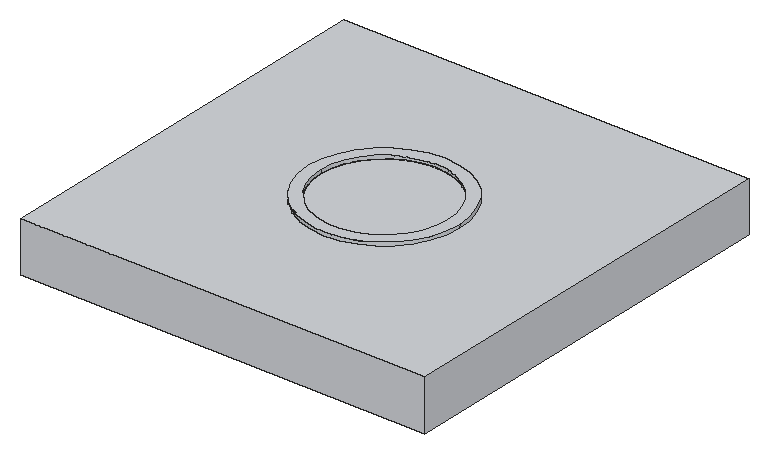
Revit family "柔性防水套管（A型）", category 管道附件, Revit 2016
Family settings
  主体 = 面
  零件类型 = 标准
  圆形连接件大小 = 使用直径
  加载时剪切的空心 = 否
  共享 = 否
Parameters (values of type "DN700")
  Default Elevation = 1219.2 mm
  高度 = 0 mm
  Assembly Code = ""
  Description = ""
  角度 = 360.00° / n  # 18.00°
  螺丝半径 = if(DN < 80 mm, 6 mm, if(DN < 300 mm, 8 mm, if(DN < 600 mm, 10 mm, if(DN < 800 mm, 12 mm, 27 mm))))  # 12 mm
  Type Comments = ""
  Keynote = ""
  墙厚 [instance] = 300 mm
  Model = ""
  Manufacturer = ""
  δ3 = 12 mm
  δ2 = 10 mm
  r = D4 / 2  # 422.5 mm
  n = if(DN < 125 mm, 4, if(DN < 250 mm, 6, if(DN < 400 mm, 8, if(DN < 500 mm, 12, if(DN < 1000 mm, 20, if(DN > 1000 mm, 24, 24))))))  # 20
  l5 = 40 mm  # constant formula
  l2 = 54 mm
  l1 = 104 mm
  l0 = 40 mm
  l = 75 mm
  d3 = D3_2 + δ3  # 742 mm
  d2 = D2_2 - δ2  # 770 mm
  b1 = 20 mm
  b = 26 mm
  URL = ""
  K Coefficient Table = (empty or 0)
  DN = 700 mm
  D5 = 910 mm
  D4 = 845 mm
  D3_2 = 730 mm
  D2_2 = 780 mm
Types (18, lengths in mm): name | Description | 角度 | 螺丝半径 | 墙厚 | δ3 | δ2 | r | n | l2 | l1 | l0 | l | d3 | d2 | b1 | b | URL | DN | D5 | D4 | D3_2 | D2_2
  DN50 | "找构件就上构件坞" | 90.00° | 6 | 200 | 8 | 4 | 72.5 | 4 | 30 | 72 | 28 | 65 | 73 | 91 | 12 | 14 | "www.goujianwu.com" | 50 | 200 | 145 | 65 | 95
  DN65 | "找构件就上构件坞" | 90.00° | 6 | 300 | 8 | 4 | 82.5 | 4 | 30 | 72 | 28 | 65 | 88 | 110 | 12 | 14 | "www.goujianwu.com" | 65 | 220 | 165 | 80 | 114
  DN80 | "找构件就上构件坞" | 90.00° | 8 | 300 | 10 | 4 | 90 | 4 | 38 | 76 | 28 | 65 | 105 | 123 | 12 | 18 | "www.goujianwu.com" | 80 | 235 | 180 | 95 | 127
  DN100 | "找构件就上构件坞" | 90.00° | 8 | 300 | 10 | 4.5 | 100 | 4 | 38 | 76 | 28 | 65 | 124 | 141.5 | 12 | 18 | "www.goujianwu.com" | 100 | 255 | 200 | 114 | 146
  DN125 | "找构件就上构件坞" | 60.00° | 8 | 300 | 10 | 6 | 117.5 | 6 | 38 | 76 | 28 | 65 | 150 | 174 | 12 | 18 | "www.goujianwu.com" | 125 | 290 | 235 | 140 | 180
  DN150 | "找构件就上构件坞" | 60.00° | 8 | 300 | 10 | 6 | 130 | 6 | 38 | 76 | 28 | 65 | 175 | 197 | 12 | 18 | "www.goujianwu.com" | 150 | 315 | 260 | 165 | 203
  DN200 | "找构件就上构件坞" | 60.00° | 8 | 300 | 10 | 6 | 160 | 6 | 38 | 76 | 28 | 65 | 236 | 259 | 12 | 18 | "www.goujianwu.com" | 200 | 375 | 320 | 226 | 265
  DN250 | "找构件就上构件坞" | 45.00° | 8 | 300 | 10 | 6 | 190 | 8 | 38 | 76 | 28 | 65 | 290 | 319 | 12 | 18 | "www.goujianwu.com" | 250 | 435 | 380 | 280 | 325
  DN300 | "找构件就上构件坞" | 45.00° | 10 | 300 | 10 | 8 | 217.5 | 8 | 46 | 90 | 32 | 72 | 343 | 369 | 16 | 22 | "www.goujianwu.com" | 300 | 495 | 435 | 333 | 377
  DN350 | "找构件就上构件坞" | 45.00° | 10 | 300 | 10 | 10 | 242.5 | 8 | 46 | 90 | 32 | 72 | 395 | 416 | 16 | 22 | "www.goujianwu.com" | 350 | 545 | 485 | 385 | 426
  DN400 | "找构件就上构件坞" | 30.00° | 10 | 300 | 10 | 10 | 270 | 12 | 46 | 90 | 32 | 72 | 445 | 470 | 16 | 22 | "www.goujianwu.com" | 400 | 600 | 540 | 435 | 480
  DN450 | "找构件就上构件坞" | 30.00° | 10 | 300 | 10 | 10 | 295 | 12 | 46 | 90 | 32 | 72 | 498 | 520 | 16 | 22 | "www.goujianwu.com" | 450 | 650 | 590 | 488 | 530
  DN500 | "找构件就上构件坞" | 18.00° | 10 | 300 | 10 | 10 | 322.5 | 20 | 46 | 90 | 32 | 72 | 548 | 575 | 16 | 22 | "www.goujianwu.com" | 500 | 705 | 645 | 538 | 585
  DN600 | "找构件就上构件坞" | 18.00° | 12 | 300 | 12 | 10 | 377.5 | 20 | 54 | 104 | 40 | 75 | 652 | 680 | 20 | 26 | "www.goujianwu.com" | 600 | 820 | 755 | 640 | 690
  DN700 | "" | 18.00° | 12 | 300 | 12 | 10 | 422.5 | 20 | 54 | 104 | 40 | 75 | 742 | 770 | 20 | 26 | "" | 700 | 910 | 845 | 730 | 780
  DN800 | "找构件就上构件坞" | 18.00° | 27 | 300 | 12 | 10 | 475 | 20 | 60 | 117 | 40 | 80 | 842 | 870 | 20 | 30 | "www.goujianwu.com" | 800 | 1020 | 950 | 830 | 880
  DN900 | "找构件就上构件坞" | 18.00° | 27 | 300 | 12 | 10 | 525 | 20 | 60 | 117 | 40 | 80 | 942 | 970 | 20 | 30 | "www.goujianwu.com" | 900 | 1120 | 1050 | 930 | 980
  DN1000 | "找构件就上构件坞" | 15.00° | 27 | 300 | 12 | 10 | 575 | 24 | 60 | 117 | 40 | 80 | 1042 | 1070 | 20 | 30 | "www.goujianwu.com" | 1000 | 1220 | 1150 | 1030 | 1080
Reference planes
  plane 1 "中心(前/后)": y = 0
  plane 2: z = 0
  plane 3 "中心(左/右)": x = 0
  plane 4: x = -390
  plane 5: x = 390
  plane 6: x = 365
  plane 7: x = -365
  plane 8: x = -422.5
  plane 9: x = 422.5
  plane 10: x = -455
  plane 11: x = 455
  plane 12: z = -300
  plane 13: z = -150
  plane 14: z = -140
  plane 15: z = -160
  plane 16: z = -326
  plane 17: z = 20
  plane 18: z = -260
  plane 19: z = -375
  plane 20: z = -404
  plane 21: z = -350
  plane 22: z = -349
  plane 23: z = -240
  plane 24: z = -20
  plane 25: z = -40
  plane 26: z = -60
Forms (mm)
  Extrusion 1, solid
    sketch origin (0, 0, 0) x (1, 0, 0) y (0, 1, 0)
      loop
        line (-1219.2, 1219.2) -> (-1219.2, -1219.2) -> (1219.2, -1219.2) -> (1219.2, 1219.2) -> (-1219.2, 1219.2)
    from 0 to -304.8
  Extrusion 2, solid
    sketch origin (0, 0, 0) x (1, 0, 0) y (0, 1, 0)
      loop
        circle (0, 0) r 390
      loop
        circle (0, 0) r 385
    from -300 to 0
  Extrusion 3, solid
    sketch origin (0, 0, 0) x (1, 0, 0) y (0, 1, 0)
      loop
        circle (0, 0) r 365
      loop
        circle (0, 0) r 371
    from -375 to -300
  Extrusion 4, solid
    sketch origin (0, 0, 0) x (1, 0, 0) y (0, 1, 0)
      loop
        circle (0, 0) r 455
      loop
        circle (0, 0) r 385
    from 0 to 20
  Extrusion 5, solid
    sketch origin (0, 0, 0) x (1, 0, 0) y (0, 1, 0)
      loop
        circle (0, 0) r 390
      loop
        circle (0, 0) r 455
    from -160 to -140
  Extrusion 6, solid
    sketch origin (0, 0, 0) x (1, 0, 0) y (0, 1, 0)
      loop
        circle (0, 0) r 385
      loop
        circle (0, 0) r 455
    from -326 to -300
  Extrusion 7, solid
    sketch origin (0, 0, 0) x (1, 0, 0) y (0, 1, 0)
      loop
        circle (0, 0) r 371
      loop
        circle (0, 0) r 455
    from -375 to -349
  Extrusion 8, solid
    sketch origin (0, 0, 0) x (1, 0, 0) y (0, 1, 0)
      loop
        circle (0, 0) r 371
      loop
        circle (0, 0) r 385
    from -260 to -240
Cuts and joins
  joined: Extrusion 2, Extrusion 4, Extrusion 5, Extrusion 6
  joined: Extrusion 3, Extrusion 7
Dimensions and locks
  equal spacing: plane 5, plane 3 "中心(左/右)", plane 4
  equal spacing: plane 6, plane 3 "中心(左/右)", plane 7
  "D2_2": plane 5 to plane 4
  "D3_2": plane 6 to plane 7
  equal spacing: plane 9, plane 3 "中心(左/右)", plane 8
  "D4": plane 9 to plane 8
  equal spacing: plane 11, plane 3 "中心(左/右)", plane 10
  "D5": plane 11 to plane 10
  "墙厚": level to plane 12
  equal spacing: level, plane 13, plane 12
  equal spacing: plane 14, plane 13, plane 15
  "b1": plane 14 to plane 15
  "b1": plane 17 to Extrusion 1
  "b": plane 12 to plane 16
  "l0": plane 18 to plane 12
  "l": plane 12 to plane 19
  "l1": plane 12 to plane 20
  "l2": plane 21 to plane 20
  "b": plane 22 to plane 19
  "b1": plane 23 to plane 18
  locked: Extrusion 1 to plane 25 at 40
  locked: Extrusion 1 to plane 24 at 20
  "b1": plane 25 to plane 26
  "D2_2": diameter of Extrusion 2 sketch curve
  "d2": diameter of Extrusion 2 sketch curve
  "D3_2": diameter of Extrusion 3 sketch curve
  "d3": diameter of Extrusion 3 sketch curve
  "D5": diameter of Extrusion 4 sketch curve
  "r": radius of radial array
  aligned and locked: plane 2 to Extrusion 1
  aligned and locked: level to Extrusion 1
  aligned and locked: Extrusion 2 to plane 12
  aligned and locked: level to Extrusion 2
  aligned and locked: Extrusion 3 to plane 19
  aligned and locked: plane 12 to Extrusion 3
  aligned and locked: Extrusion 4 to level
  aligned and locked: Extrusion 4 to plane 17
  aligned and locked: Extrusion 4 sketch curve to Extrusion 2  (x2)
  aligned and locked: Extrusion 5 sketch curve to Extrusion 2  (x2)
  aligned and locked: Extrusion 5 sketch curve to Extrusion 4  (x2)
  aligned and locked: Extrusion 5 to plane 15
  aligned and locked: Extrusion 5 to plane 14
  aligned and locked: Extrusion 6 sketch curve to Extrusion 4  (x4)
  aligned and locked: Extrusion 6 to plane 16
  aligned and locked: plane 12 to Extrusion 6
  aligned and locked: Extrusion 7 sketch curve to Extrusion 3  (x2)
  aligned and locked: Extrusion 7 sketch curve to cut or joined group of Extrusion 2, Extrusion 4, Extrusion 5, Extrusion 6  (x2)
  aligned and locked: Extrusion 7 to plane 19
  aligned and locked: Extrusion 7 to plane 22
  aligned and locked: Extrusion 8 sketch curve to cut or joined group of Extrusion 3, Extrusion 7  (x2)
  aligned and locked: Extrusion 8 sketch curve to cut or joined group of Extrusion 2, Extrusion 4, Extrusion 5, Extrusion 6  (x2)
  aligned and locked: Extrusion 8 to plane 18
  aligned and locked: Extrusion 8 to plane 23
Automatic sketch dimensions
  Extrusion 1 sketch curve to Extrusion 1 sketch curve = 2438.4 mm  (x2)
  Extrusion 2 sketch curve to Extrusion 2 sketch curve = 0 mm  (x2)
  plane 1 "中心(前/后)" to Extrusion 2 sketch curve = 0 mm
  Extrusion 2 sketch curve to plane 3 "中心(左/右)" = 0 mm
  Extrusion 3 sketch curve to Extrusion 3 sketch curve = 0 mm  (x2)
  plane 1 "中心(前/后)" to Extrusion 3 sketch curve = 0 mm
  Extrusion 3 sketch curve to plane 3 "中心(左/右)" = 0 mm
  Extrusion 4 sketch curve to Extrusion 4 sketch curve = 0 mm  (x2)
Nested families
  nested 1: "族5" at (390.339, 161.684, -375) x (-0.9239, -0.3827, 0) z (0, 0, 1), 螺丝半径 <- "螺丝半径", l <- "l", type "族5"
    with 螺母厚 15.941 mm, 螺丝半径 12 mm, l 75 mm, R 17 mm
  nested 2: "族5" at (421.198, 33.149, -375) x (-0.9969, -0.0785, 0) z (0, 0, 1), 螺丝半径 <- "螺丝半径", l <- "l", type "族5"
    with 螺母厚 15.941 mm, 螺丝半径 12 mm, l 75 mm, R 17 mm
  nested 3: "族5" at (321.272, 274.392, -375) x (-0.7604, -0.6494, 0) z (0, 0, 1), 螺丝半径 <- "螺丝半径", l <- "l", type "族5"
    with 螺母厚 15.941 mm, 螺丝半径 12 mm, l 75 mm, R 17 mm
  nested 4: "族5" at (220.756, 360.24, -375) x (-0.5225, -0.8526, 0) z (0, 0, 1), 螺丝半径 <- "螺丝半径", l <- "l", type "族5"
    with 螺母厚 15.941 mm, 螺丝半径 12 mm, l 75 mm, R 17 mm
  nested 5: "族5" at (98.631, 410.826, -375) x (-0.2334, -0.9724, 0) z (0, 0, 1), 螺丝半径 <- "螺丝半径", l <- "l", type "族5"
    with 螺母厚 15.941 mm, 螺丝半径 12 mm, l 75 mm, R 17 mm
  nested 6: "族5" at (-33.149, 421.198, -375) x (0.0785, -0.9969, 0) z (0, 0, 1), 螺丝半径 <- "螺丝半径", l <- "l", type "族5"
    with 螺母厚 15.941 mm, 螺丝半径 12 mm, l 75 mm, R 17 mm
  nested 7: "族5" at (-161.684, 390.339, -375) x (0.3827, -0.9239, 0) z (0, 0, 1), 螺丝半径 <- "螺丝半径", l <- "l", type "族5"
    with 螺母厚 15.941 mm, 螺丝半径 12 mm, l 75 mm, R 17 mm
  nested 8: "族5" at (-274.392, 321.272, -375) x (0.6494, -0.7604, 0) z (0, 0, 1), 螺丝半径 <- "螺丝半径", l <- "l", type "族5"
    with 螺母厚 15.941 mm, 螺丝半径 12 mm, l 75 mm, R 17 mm
  nested 9: "族5" at (-360.24, 220.756, -375) x (0.8526, -0.5225, 0) z (0, 0, 1), 螺丝半径 <- "螺丝半径", l <- "l", type "族5"
    with 螺母厚 15.941 mm, 螺丝半径 12 mm, l 75 mm, R 17 mm
  nested 10: "族5" at (-410.826, 98.631, -375) x (0.9724, -0.2334, 0) z (0, 0, 1), 螺丝半径 <- "螺丝半径", l <- "l", type "族5"
    with 螺母厚 15.941 mm, 螺丝半径 12 mm, l 75 mm, R 17 mm
  nested 11: "族5" at (-421.198, -33.149, -375) x (0.9969, 0.0785, 0) z (0, 0, 1), 螺丝半径 <- "螺丝半径", l <- "l", type "族5"
    with 螺母厚 15.941 mm, 螺丝半径 12 mm, l 75 mm, R 17 mm
  nested 12: "族5" at (-390.339, -161.684, -375) x (0.9239, 0.3827, 0) z (0, 0, 1), 螺丝半径 <- "螺丝半径", l <- "l", type "族5"
    with 螺母厚 15.941 mm, 螺丝半径 12 mm, l 75 mm, R 17 mm
  nested 13: "族5" at (-321.272, -274.392, -375) x (0.7604, 0.6494, 0) z (0, 0, 1), 螺丝半径 <- "螺丝半径", l <- "l", type "族5"
    with 螺母厚 15.941 mm, 螺丝半径 12 mm, l 75 mm, R 17 mm
  nested 14: "族5" at (-220.756, -360.24, -375) x (0.5225, 0.8526, 0) z (0, 0, 1), 螺丝半径 <- "螺丝半径", l <- "l", type "族5"
    with 螺母厚 15.941 mm, 螺丝半径 12 mm, l 75 mm, R 17 mm
  nested 15: "族5" at (-98.631, -410.826, -375) x (0.2334, 0.9724, 0) z (0, 0, 1), 螺丝半径 <- "螺丝半径", l <- "l", type "族5"
    with 螺母厚 15.941 mm, 螺丝半径 12 mm, l 75 mm, R 17 mm
  nested 16: "族5" at (33.149, -421.198, -375) x (-0.0785, 0.9969, 0) z (0, 0, 1), 螺丝半径 <- "螺丝半径", l <- "l", type "族5"
    with 螺母厚 15.941 mm, 螺丝半径 12 mm, l 75 mm, R 17 mm
  nested 17: "族5" at (161.684, -390.339, -375) x (-0.3827, 0.9239, 0) z (0, 0, 1), 螺丝半径 <- "螺丝半径", l <- "l", type "族5"
    with 螺母厚 15.941 mm, 螺丝半径 12 mm, l 75 mm, R 17 mm
  nested 18: "族5" at (274.392, -321.272, -375) x (-0.6494, 0.7604, 0) z (0, 0, 1), 螺丝半径 <- "螺丝半径", l <- "l", type "族5"
    with 螺母厚 15.941 mm, 螺丝半径 12 mm, l 75 mm, R 17 mm
  nested 19: "族5" at (360.24, -220.756, -375) x (-0.8526, 0.5225, 0) z (0, 0, 1), 螺丝半径 <- "螺丝半径", l <- "l", type "族5"
    with 螺母厚 15.941 mm, 螺丝半径 12 mm, l 75 mm, R 17 mm
  nested 20: "族5" at (410.826, -98.631, -375) x (-0.9724, 0.2334, 0) z (0, 0, 1), 螺丝半径 <- "螺丝半径", l <- "l", type "族5"
    with 螺母厚 15.941 mm, 螺丝半径 12 mm, l 75 mm, R 17 mm
Connectors
  piping at (0, 0, 20), diameter 780, driven by "D2_2"
    settings: on cut or joined group of Extrusion 2, Extrusion 4, Extrusion 5, Extrusion 6, index 1, connector inside diameter 609.6 mm, connector length 0 mm, flow factor 0, pipe flow 0.0 L/s, pressure drop 0.0 Pa, fitting loss kfactor 0, connector angle 0.00°, fixture units 0, engagement length 0 mm, angle of deflection 0.00°, flow configuration 0, flow direction 0, fitting loss method 0, system type 7, joint type 0, gender type 0, connector reference index -1, connector utility 0, adjustable connector no, is connector primary yes, connector description ""
Definition of nested family "族5"
  Parameters
    Default Elevation = 1219.2 mm
    螺母厚 [instance] = 12 mm
    螺丝半径 [instance] = 12 mm
    l [instance] = 65 mm
    R [instance] = 螺丝半径 + 5 mm  # 17 mm
  Reference planes
    plane 1 "中心(前/后)": y = 0
    plane 2: z = 0
    plane 3 "中心(左/右)": x = 0
    plane 4: z = -12
    plane 5: z = -16
  Forms (mm)
    Extrusion 1, solid
      sketch origin (0, 0, 0) x (1, 0, 0) y (0, 1, 0)
        loop
          line (-1219.2, 1219.2) -> (-1219.2, -1219.2) -> (1219.2, -1219.2) -> (1219.2, 1219.2) -> (-1219.2, 1219.2)
      from 0 to -304.8
    Extrusion 2, solid
      sketch origin (0, 0, 0) x (1, 0, 0) y (0, 1, 0)
        loop
          circle (0, 0) r 12
      from -16 to 65
    Extrusion 3, solid
      sketch origin (0, 0, 0) x (1, 0, 0) y (0, 1, 0)
        loop
          line (-8.5, 14.722) -> (-17, 0) -> (-8.5, -14.722) -> (8.5, -14.722) -> (17, 0) -> (8.5, 14.722) -> (-8.5, 14.722)
      from 0 to -12
  Dimensions and locks
    "l": Extrusion 2 to Extrusion 1
    "螺母厚": Extrusion 1 to plane 4
    locked: plane 4 to plane 5 at 4
    "螺丝半径": radius of Extrusion 2 sketch curve
    aligned and locked: plane 2 to Extrusion 1
    aligned and locked: level to Extrusion 1
    aligned and locked: plane 1 "中心(前/后)" to nested 1
    aligned and locked: plane 3 "中心(左/右)" to nested 1
    aligned and locked: Extrusion 3 sketch curve to nested 1  (x6)
    aligned and locked: plane 4 to Extrusion 3
    aligned and locked: Extrusion 3 to Extrusion 1
    aligned and locked: Extrusion 2 to plane 5
  Automatic sketch dimensions
    Extrusion 1 sketch curve to Extrusion 1 sketch curve = 2438.4 mm  (x2)
    plane 1 "中心(前/后)" to Extrusion 2 sketch curve = 0 mm
    Extrusion 2 sketch curve to plane 3 "中心(左/右)" = 0 mm
  Nested families
    nested 1: "六边形模型线基于面." at (0, 0, 65), type "六边形模型线基于面."
      with R 17 mm
  Definition of nested family "六边形模型线基于面."
    Parameters
      Default Elevation = 1219.2 mm
      R = 29 mm
    Reference planes
      plane 1 "中心(前/后)": y = 0
      plane 2: z = 0
      plane 3 "中心(左/右)": x = 0
    Forms (mm)
      Extrusion 1, solid
        sketch origin (0, 0, 0) x (1, 0, 0) y (0, 1, 0)
          loop
            line (-1219.2, 1219.2) -> (-1219.2, -1219.2) -> (1219.2, -1219.2) -> (1219.2, 1219.2) -> (-1219.2, 1219.2)
        from 0 to -304.8
    Lines and regions (mm)
      reference lines
        curve 1: line (0, 0, 0) -> (-14.5, -25.115, 0)
        curve 2: line (0, 0, 0) -> (14.5, -25.115, 0)
        curve 3: line (0, 0, 0) -> (-29, 0, 0)
        curve 4: line (0, 0, 0) -> (-14.5, 25.115, 0)
        curve 5: line (0, 0, 0) -> (14.5, 25.115, 0)
        curve 6: line (0, 0, 0) -> (29, 0, 0)
      model lines
        curve 7: line (-29, 0, 0) -> (-14.5, 25.115, 0)
        curve 8: line (-14.5, 25.115, 0) -> (14.5, 25.115, 0)
        curve 9: line (14.5, 25.115, 0) -> (29, 0, 0)
        curve 10: line (29, 0, 0) -> (14.5, -25.115, 0)
        curve 11: line (14.5, -25.115, 0) -> (-14.5, -25.115, 0)
        curve 12: line (-14.5, -25.115, 0) -> (-29, 0, 0)
    Dimensions and locks
      "R": curve 6 to curve 6
      "R": curve 2 to curve 6
      "R": curve 1 to curve 6
      "R": curve 3 to curve 5
      "R": curve 4 to curve 6
      "R": curve 5 to curve 6
      angle curve 5 to plane 3 "中心(左/右)" = 30.00°
      angle plane 3 "中心(左/右)" to curve 4 = 30.00°
      angle curve 1 to plane 3 "中心(左/右)" = 30.00°
      angle plane 3 "中心(左/右)" to curve 2 = 30.00°
      aligned and locked: plane 2 to Extrusion 1
      aligned and locked: level to Extrusion 1
      aligned and locked: plane 1 "中心(前/后)" to curve 5
      aligned and locked: plane 3 "中心(左/右)" to curve 4
      aligned and locked: curve 3 to curve 7
      aligned and locked: curve 4 to curve 7
      aligned and locked: curve 7 to curve 3
      aligned and locked: curve 5 to curve 8
      aligned and locked: curve 8 to curve 4
      aligned and locked: curve 6 to curve 9
      aligned and locked: curve 9 to curve 5
      aligned and locked: curve 2 to curve 10
      aligned and locked: curve 10 to curve 6
      aligned and locked: curve 1 to curve 11
      aligned and locked: curve 11 to curve 2
      aligned and locked: curve 12 to curve 1
    Automatic sketch dimensions
      Extrusion 1 sketch curve to Extrusion 1 sketch curve = 2438.4 mm  (x2)
